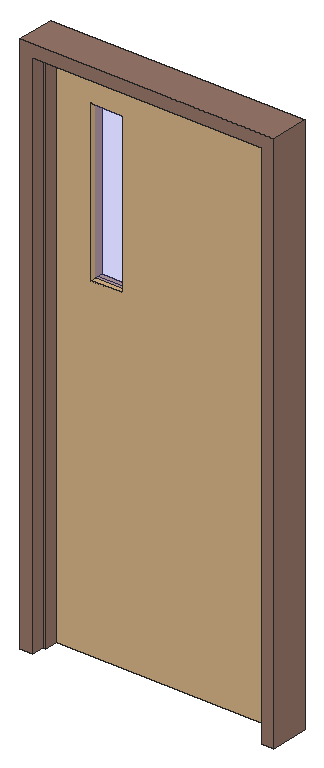
Revit family "0054_M_DR_W_single-flush vision w hm frame", category 문, Revit 2026
Family settings
  호스트 = 벽
  항상 수직 = 예
  로드될 때 보이드를 사용하여 절단 = 아니오
  공유 = 아니오
  룸 계산 점 = 아니오
Parameters (values of type "36" x 84"")
  두께 = 0' - 2"
  기능 = 내부
  Frame Offset = 0' - 2"
  Frame Depth = 0' - 6"
  Finish Offset = 0' - 6 1/2"
  조합 코드 = "C1020"
  Door Material = Door - Panel
  Frame Material = Door - Frame
  Height = 7' - 0"
  Lite Height = 2' - 1"
  Lite Width = 0' - 5"
  Side Rail = 0' - 6"
  Top Rail = 0' - 6"
  벽 마무리 = 호스트별
  폭 = 3' - 0"
Types (6): name | Height | 폭
  36" x 84" | 7' - 0" | 3' - 0"
  32" x 84" | 7' - 0" | 2' - 8"
  30" x 84" | 7' - 0" | 2' - 6"
  30" x 80" | 6' - 8" | 2' - 6"
  36" x 80" | 6' - 8" | 3' - 0"
  24" x 82" | 6' - 10" | 2' - 0"
Reference planes (in)
  plane 1: y = 0
  plane 2: z = 0
  plane 3: x = 0
  plane 4: x = -18
  plane 5: x = 18
  plane 6: z = 84
  plane 7: x = -12
  plane 8: x = -7
  plane 9: z = 78
  plane 10: z = 53
  plane 11: x = -20
  plane 12: x = 20
  plane 13: z = 86
  plane 14: y = 4
  plane 15: y = 2
  plane 16: y = 6
  plane 17: y = -2
  plane 18: y = 0
  plane 19 "Wall Closure": y = -0.5
Forms (in)
  Sweep 1, solid, material "Door - Frame" <- "Frame Material"
    path origin (0, 0, 0) x (0, 0, -1) y (1, 0, 0)
      loop
        line (0, -20) -> (-86, -20) -> (-86, 20) -> (0, 20)
    profile origin (0, 0, 43) x (-1, 0, 0) y (0, -1, 0)
      loop
        line (20, 2) -> (18, 2) -> (18, 0) -> (17.5, 0) -> (17.5, -2) -> (18, -2) -> (18, -4) -> (20, -4) -> (20, 2)
  Extrusion 2, solid, material "Door - Panel" <- "Door Material"
    sketch origin (0, 0, 0) x (0, 0, -1) y (1, 0, 0)
      loop
        line (0, 18) -> (-84, 18) -> (-84, -18) -> (0, -18) -> (0, 18)
      loop
        line (-78, -12) -> (-53, -12) -> (-53, -7) -> (-78, -7) -> (-78, -12)
    from -4 to -2
  Extrusion 3, solid, material "Glass"
    sketch origin (0, -0.06488, 0) x (0, 0, -1) y (1, 0, 0)
      loop
        line (-78, -7) -> (-78, -12) -> (-53, -12) -> (-53, -7) -> (-78, -7)
    from -3.31488 to -2.80451
Lines and regions (in)
  Opening 1
    outline origin (-60, -6, 144) x (0, 0, -1) y (1, 0, 0)
      loop
        line (58, 40) -> (144, 40) -> (144, 80) -> (58, 80) -> (58, 40)
  symbolic lines, style "Plan Swing"
    curve 1: arc (18, 40, 0) -> (-7.45584, 29.45584, 0) -> (-18, 4, 0) r 36
  symbolic lines, style "DoorsPanelProjection"
    curve 2: line (18, 4, 0) -> (16, 4, 0)
    curve 3: line (18, 4, 0) -> (18, 40, 0)
    curve 4: line (18, 40, 0) -> (16, 40, 0)
    curve 5: line (16, 4, 0) -> (16, 40, 0)
  symbolic lines, style "Elevation Swing"
    curve 6: line (-18, 0, 84) -> (18, 0, 42)
    curve 7: line (18, 0, 42) -> (-18, 0, 0)
Dimensions and locks (in)
  equal spacing: plane 4, plane 3, plane 5
  "폭": plane 4 to plane 5
  "Height": plane 6 to plane 2
  "Lite Width": plane 7 to plane 8
  "Side Rail": plane 4 to plane 7
  "Lite Height": plane 9 to plane 10
  "Top Rail": plane 6 to plane 9
  "두께": curve 5 to plane 5
  equal spacing: plane 6, curve 7, plane 2
  locked: plane 11 to plane 4 at 2
  locked: plane 5 to plane 12 at 2
  locked: plane 13 to plane 6 at 2
  locked: plane 16 to host wall
  "두께": plane 15 to plane 14
  "Frame Depth": plane 17 to plane 14
  "두께": plane 17 to plane 18
  locked: Sweep 1 sketch curve to Sweep 1 sketch curve at 0.5
  "Frame Offset": plane 16 to plane 14
  locked: Extrusion 3 to plane 14 at 0.75
  locked: plane 15 to Extrusion 3 at 0.73963
  "Finish Offset": plane 16 to plane 19 "Wall Closure"
  aligned and locked: plane 11 to Opening 1 sketch curve
  aligned and locked: plane 12 to Opening 1 sketch curve
  aligned and locked: plane 13 to Opening 1 sketch curve
  aligned and locked: Sweep 1 sketch curve to host wall
  aligned and locked: plane 13 to Sweep 1 sketch curve
  aligned and locked: Sweep 1 sketch curve to plane 11
  aligned and locked: plane 17 to Sweep 1 sketch curve
  aligned and locked: Sweep 1 sketch curve to plane 14
  aligned and locked: Sweep 1 sketch curve to plane 4  (x2)
  aligned and locked: plane 11 to Sweep 1 sketch curve
  aligned and locked: level to Sweep 1 sketch curve
  aligned and locked: level to Extrusion 2 sketch curve
  aligned and locked: plane 5 to Extrusion 2 sketch curve
  aligned and locked: Extrusion 2 sketch curve to plane 4
  aligned and locked: plane 6 to Extrusion 2 sketch curve
  aligned and locked: Extrusion 2 to plane 14
  aligned and locked: plane 15 to Extrusion 2
  aligned and locked: plane 8 to Extrusion 2 sketch curve
  aligned and locked: Extrusion 2 sketch curve to plane 10
  aligned and locked: Extrusion 2 sketch curve to plane 7
  aligned and locked: plane 9 to Extrusion 2 sketch curve
  aligned and locked: Extrusion 3 sketch curve to Extrusion 2  (x3)
  aligned and locked: Extrusion 2 to Extrusion 3 sketch curve
Automatic sketch dimensions
  curve 6 to plane 4 = 0' - 0"
  curve 6 to plane 6 = 0' - 0"
  curve 7 to plane 5 = 0' - 0"
  curve 7 to level = 0' - 0"
  curve 7 to plane 4 = 0' - 0"
  Opening 1 sketch curve to level = 0' - 0"
  Sweep 1 sketch curve to Sweep 1 sketch curve = 0' - 2"  (x2)
  Sweep 1 sketch curve to level = 0' - 0"
  curve 1 to plane 4 = 0' - 0"
  curve 2 to plane 5 = 0' - 0"
  curve 5 to plane 14 = 0' - 0"
  curve 1 to plane 14 = 0' - 0"
